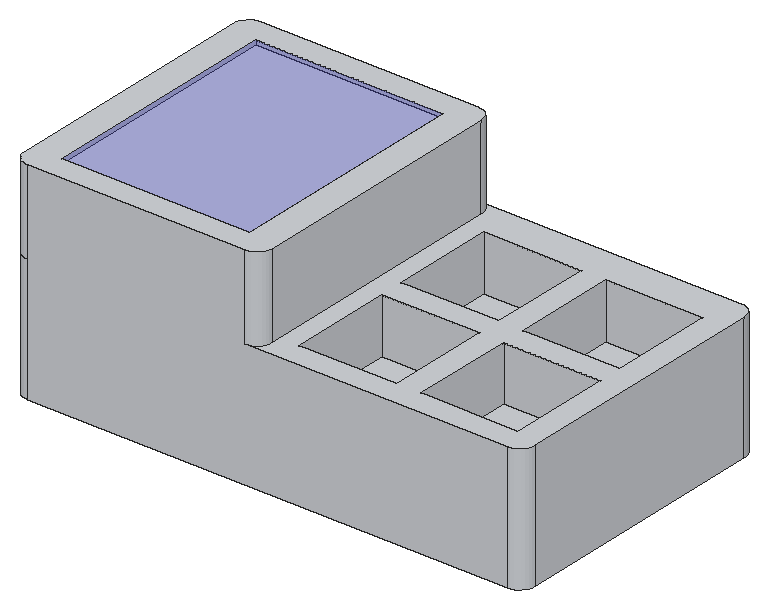
Revit family "Domotics-SerieCivili-GEWISS-27COMBIDIN_SYSTEM-IP40_4M_8SY", category Apparecchi elettrici, host Superficie, Revit 2016
Family settings
  Host = Superficie
  Mantenere orientamento annotazione = No
  Tipo di parte = Normale
  Quota connettore circolare = Usa diametro
  Taglio con vuoti quando caricato = No
  Condiviso = No
  Punto di calcolo locali = No
Parameters (values of type "GW27072 - Contenitore 4 mod. DIN + (2x4) mod. System")
  Viti coperchio = "Acciaio inox"
  Versione file RFA = "19.4"
  URL = "https://www.gewiss.com/it/it"
  Tipologia di contenitore = "GP"
  Tipo sfondabili = "Asportabili con utensile"
  Tipo portella = "Rigida"
  Termopressione con biglia = "70 °C"
  Tensione nominale: = "400 V ac"
  Tensione di isolamento = "750V"
  Temperatura di installazione = "-25 +60 °C"
  Struttura = none
  Scheda Tecnica = "https://www.gewiss.com/it/it/search?q=GW27072"
  SEO = "Contenitore"
  Resistenza agli urti = "IK07"
  Default Elevation = 1219.2 mm
  Profondità = 95 mm
  Produttore = "GEWISS S.p.A."
  Predisposizione scomparti = "2"
  Potenza dissipabile (W) = "15"
  Norma di riferimento: = "EN 60670-1 - EN 60670-24"
  Norma di riferimento = "EN 60669-2-1"
  N. moduli SYSTEM = "8"
  N. moduli DIN = "4"
  N. fori Ã˜ 23 sfondabili: = "Laterali 12 / Sul fondo 2"
  N. fori Ã˜ 23 sfondabili = "12"
  Modello = "GW27072"
  Larghezza = 231 mm
  Immagine tipo = GW27072.jpg
  IFC.TypeObject = ""
  IFC.ExportType = ""
  IFC.ExportAs = ""
  IDT = "d719f03f-11ba-41a9-847a-2c47baabadda"
  IDF = "5ec19cf8-3d87-4e8c-a3c5-c2ce06fc1896"
  Grado di protezione = "IP40"
  Glow Wire Test = "650°C"
  Dim. esterne BxHxP (mm) = "231x132x95"
  Descrizione = "CONTENITORE 4MOD.DIN+(2X4)MOD.SYSTEM PR."
  Creato da GEWISS S.p.A. = ""
  Corrente nominale (In) = "32A"
  Coppia serraggio viti = "0,8NM"
  Contatti di uscita = "1NA 16 A (AC1) 250 V ac"
  Configurazione = "Modulo 2 x 4"
  Colore portella = "Trasparente fume'"
  Colore = "Grigio RAL 7035"
  Codice Electrocod = "0212"
  Codice EAN = "8011564055452"
  Classe isolamento = "II"
  Catalogo Serie = "27COMBI"
  Catalogo = "DOMOTICS"
  Caratteristiche = "Halogen free"
  COBie.Tagnumber = ""
  COBie.CreatedOn = ""
  COBie.CreatebBy = ""
  COBie.ComponentRegisterItemID = ""
  COBie.Component.TagNumber = ""
  COBie.Component.Space = ""
  COBie.Component.SerialNumber = ""
  COBie.Component.InstallationDate = ""
  COBie.Component.Description = ""
  COBie.Component.BarCode = ""
  Altezza = 132 mm  # constant formula
Values of the unnamed type that differ from the named types
  Viti coperchio = ""
  Versione file RFA = ""
  Tipologia di contenitore = ""
  Tipo sfondabili = ""
  Tipo portella = ""
  Termopressione con biglia = ""
  Tensione nominale: = ""
  Tensione di isolamento = ""
  Temperatura di installazione = ""
  Scheda Tecnica = ""
  SEO = ""
  Resistenza agli urti = ""
  Predisposizione scomparti = ""
  Potenza dissipabile (W) = ""
  Norma di riferimento: = ""
  Norma di riferimento = ""
  N. moduli SYSTEM = ""
  N. moduli DIN = ""
  N. fori Ã˜ 23 sfondabili: = ""
  N. fori Ã˜ 23 sfondabili = ""
  IDT = ""
  IDF = ""
  Grado di protezione = ""
  Glow Wire Test = ""
  Dim. esterne BxHxP (mm) = ""
  Corrente nominale (In) = ""
  Coppia serraggio viti = ""
  Contatti di uscita = ""
  Configurazione = ""
  Colore portella = ""
  Colore = ""
  Codice Electrocod = ""
  Codice EAN = ""
  Classe isolamento = ""
  Catalogo Serie = ""
  Catalogo = ""
  Caratteristiche = ""
Reference planes
  plane 1 "Centro (Fronte/Retro)": y = 0
  plane 2: z = 0
  plane 3 "Centro (Sinistra/Destra)": x = 0
  plane 4 "Piano Allineamento Sportellino": z = 95
  plane 5: x = -2.56
  plane 6: z = 57.066
  plane 7: z = 32.066
  plane 8: z = 70
  plane 9: z = 93
  plane 10: x = 116.37
  plane 11: y = 66.019
  plane 12: y = -65.981
  plane 13: x = -114.63
  plane 14: x = -101.144
  plane 15: x = -100.144
  plane 16: x = -17.047
  plane 17: x = -16.047
  plane 18: y = 54.961
  plane 19: y = -53.961
  plane 20: y = -54.961
  plane 21: x = -16.047
  plane 22: x = -16.047
  plane 23: y = 53.961
  plane 24: x = 6.37
  plane 25: y = 2.72
  plane 26: y = -8.101
  plane 27: x = 50.37
  plane 28: x = 61.37
  plane 29: x = 105.37
Forms (mm)
  Extrusion 1, solid, material <- "Struttura"
    sketch origin (0, -451.03, 0) x (1, 0, 0) y (0, 1, 0)
      loop
        line (-9.56, 517.049) -> (-107.63, 517.049)
        arc (-107.63, 517.049) -> (-112.58, 514.999) -> (-114.63, 510.049) r 7
        line (-114.63, 510.049) -> (-114.63, 392.049)
        arc (-114.63, 392.049) -> (-112.58, 387.1) -> (-107.63, 385.049) r 7
        line (-107.63, 385.049) -> (-9.56, 385.049)
        arc (-9.56, 385.049) -> (-4.61, 387.1) -> (-2.56, 392.049) r 7
        line (-2.56, 392.049) -> (-2.56, 510.049)
        arc (-2.56, 510.049) -> (-4.61, 514.999) -> (-9.56, 517.049) r 7
    from 57.066 to 95
  Extrusion 2, solid, material <- "Struttura"
    sketch origin (0, 0, 0) x (1, 0, 0) y (0, 1, 0)
      loop
        line (-114.63, 59.019) -> (-114.63, -58.981)
        arc (-114.63, -58.981) -> (-112.58, -63.931) -> (-107.63, -65.981) r 7
        line (-107.63, -65.981) -> (109.37, -65.981)
        arc (109.37, -65.981) -> (114.319, -63.931) -> (116.37, -58.981) r 7
        line (116.37, -58.981) -> (116.37, 59.019)
        arc (116.37, 59.019) -> (114.319, 63.969) -> (109.37, 66.019) r 7
        line (109.37, 66.019) -> (-107.63, 66.019)
        arc (-107.63, 66.019) -> (-112.58, 63.969) -> (-114.63, 59.019) r 7
    from 0 to 57.066
  Extrusion 3, void
    sketch origin (4.989, -5.381, 0) x (1, 0, 0) y (0, 1, 0)
      loop
        line (45.38, -2.72) -> (1.38, -2.72) -> (1.38, -49.58) -> (45.38, -49.58) -> (45.38, -2.72)
    from 32.066 to 57.066
  Extrusion 4, void
    sketch origin (0, 0, 0) x (1, 0, 0) y (0, 1, 0)
      loop
        line (-100.144, 53.961) -> (-100.144, -53.961) -> (-17.047, -53.961) -> (-17.047, 53.961) -> (-100.144, 53.961)
    from 70 to 93
  Extrusion 5, void
    sketch origin (0, 0, 0) x (1, 0, 0) y (0, 1, 0)
      loop
        line (-16.047, 54.961) -> (-101.144, 54.961) -> (-101.144, -54.961) -> (-16.047, -54.961) -> (-16.047, 54.961)
    from 93 to 95
  Extrusion 6, solid, material "GEWISS Sportellino"
    sketch origin (0, 0, 0) x (1, 0, 0) y (0, 1, 0)
      loop
        line (-16.047, 54.961) -> (-101.144, 54.961) -> (-101.144, -54.961) -> (-16.047, -54.961) -> (-16.047, 54.961)
    from 93 to 95
  Extrusion 7, void
    sketch origin (59.989, -5.381, 0) x (1, 0, 0) y (0, 1, 0)
      loop
        line (45.38, -2.72) -> (1.38, -2.72) -> (1.38, -49.58) -> (45.38, -49.58) -> (45.38, -2.72)
    from 32.066 to 57.066
  Extrusion 8, void
    sketch origin (59.989, 53.439, 0) x (1, 0, 0) y (0, 1, 0)
      loop
        line (45.38, -3.859) -> (1.38, -3.859) -> (1.38, -50.72) -> (45.38, -50.72) -> (45.38, -3.859)
    from 32.066 to 57.066
  Extrusion 9, void
    sketch origin (4.989, 52.299, 0) x (1, 0, 0) y (0, 1, 0)
      loop
        line (45.38, -2.72) -> (1.38, -2.72) -> (1.38, -49.58) -> (45.38, -49.58) -> (45.38, -2.72)
    from 32.066 to 57.066
Cuts and joins
  Extrusion 5, Extrusion 7, Extrusion 8, Extrusion 9 cuts Extrusion 1
  Extrusion 3, Extrusion 4, Extrusion 7, Extrusion 8, Extrusion 9 cuts Extrusion 2
  joined: Extrusion 1, Extrusion 2
Lines and regions (mm)
  Filled region 1, type "GW27071Q.DXF-1", in view "Livello rif."
    outline origin (0, 0, 0) x (1, 0, 0) y (0, 1, 0)
      loop
        line (311.838, -29.653) -> (312.671, -34.653) -> (313.505, -29.653) -> (311.838, -29.653)
  Filled region 2, type "GW27071Q.DXF-1", in view "Livello rif."
    outline origin (0, 0, 0) x (1, 0, 0) y (0, 1, 0)
      loop
        line (311.838, 92.347) -> (313.505, 92.347) -> (312.671, 97.347) -> (311.838, 92.347)
  Filled region 3, type "GW27071Q.DXF-1", in view "Livello rif."
    outline origin (0, 0, 0) x (1, 0, 0) y (0, 1, 0)
      loop
        line (156.887, -59.146) -> (151.887, -59.979) -> (156.887, -60.812) -> (156.887, -59.146)
  Filled region 4, type "GW27071Q.DXF-1", in view "Livello rif."
    outline origin (0, 0, 0) x (1, 0, 0) y (0, 1, 0)
      loop
        line (278.887, -59.146) -> (278.887, -60.812) -> (283.887, -59.979) -> (278.887, -59.146)
  Filled region 5, type "GW27071Q.DXF-1", in view "Livello rif."
    outline origin (0, 0, 0) x (1, 0, 0) y (0, 1, 0)
      loop
        line (171.283, 113.489) -> (166.283, 112.656) -> (171.283, 111.823) -> (171.283, 113.489)
  Filled region 6, type "GW27071Q.DXF-1", in view "Livello rif."
    outline origin (0, 0, 0) x (1, 0, 0) y (0, 1, 0)
      loop
        line (196.283, 113.489) -> (196.283, 111.823) -> (201.283, 112.656) -> (196.283, 113.489)
  Filled region 7, type "GW27071Q.DXF-1", in view "Livello rif."
    outline origin (0, 0, 0) x (1, 0, 0) y (0, 1, 0)
      loop
        line (300.192, 75.924) -> (301.859, 75.924) -> (301.025, 80.924) -> (300.192, 75.924)
  Filled region 8, type "GW27071Q.DXF-1", in view "Livello rif."
    outline origin (0, 0, 0) x (1, 0, 0) y (0, 1, 0)
      loop
        line (300.192, -12.076) -> (301.025, -17.076) -> (301.859, -12.076) -> (300.192, -12.076)
  Filled region 9, type "GW27071Q.DXF-1", in view "Livello rif."
    outline origin (0, 0, 0) x (1, 0, 0) y (0, 1, 0)
      loop
        line (167.887, -49.734) -> (162.887, -50.567) -> (167.887, -51.4) -> (167.887, -49.734)
  Filled region 10, type "GW27071Q.DXF-1", in view "Livello rif."
    outline origin (0, 0, 0) x (1, 0, 0) y (0, 1, 0)
      loop
        line (267.887, -49.734) -> (267.887, -51.4) -> (272.887, -50.567) -> (267.887, -49.734)
  Filled region 11, type "GW27071Q.DXF-1", in view "Livello rif."
    outline origin (0, 0, 0) x (1, 0, 0) y (0, 1, 0)
      loop
        line (104.476, 133.277) -> (104.476, 131.611) -> (109.476, 132.444) -> (104.476, 133.277)
  Filled region 12, type "GW27071Q.DXF-1", in view "Livello rif."
    outline origin (0, 0, 0) x (1, 0, 0) y (0, 1, 0)
      loop
        line (17.434, 133.277) -> (12.434, 132.444) -> (17.434, 131.611) -> (17.434, 133.277)
  Filled region 13, type "GW27071Q.DXF-1", in view "Livello rif."
    outline origin (0, 0, 0) x (1, 0, 0) y (0, 1, 0)
      loop
        line (17.434, 116.721) -> (12.434, 115.888) -> (17.434, 115.054) -> (17.434, 116.721)
  Filled region 14, type "GW27071Q.DXF-1", in view "Livello rif."
    outline origin (0, 0, 0) x (1, 0, 0) y (0, 1, 0)
      loop
        line (37.434, 116.721) -> (37.434, 115.054) -> (42.434, 115.888) -> (37.434, 116.721)
  Filled region 15, type "GW27071Q.DXF-1", in view "Livello rif."
    outline origin (0, 0, 0) x (1, 0, 0) y (0, 1, 0)
      loop
        line (47.434, 116.721) -> (42.434, 115.888) -> (47.434, 115.054) -> (47.434, 116.721)
  Filled region 16, type "GW27071Q.DXF-1", in view "Livello rif."
    outline origin (0, 0, 0) x (1, 0, 0) y (0, 1, 0)
      loop
        line (104.476, 116.721) -> (104.476, 115.054) -> (109.476, 115.888) -> (104.476, 116.721)
  Filled region 17, type "GW27071Q.DXF-1", in view "Livello rif."
    outline origin (0, 0, 0) x (1, 0, 0) y (0, 1, 0)
      loop
        line (85.58, -62.533) -> (85.58, -64.2) -> (90.58, -63.366) -> (85.58, -62.533)
  Filled region 18, type "GW27071Q.DXF-1", in view "Livello rif."
    outline origin (0, 0, 0) x (1, 0, 0) y (0, 1, 0)
      loop
        line (17.938, -62.533) -> (12.938, -63.366) -> (17.938, -64.2) -> (17.938, -62.533)
  Filled region 19, type "GW27071Q.DXF-1", in view "Livello rif."
    outline origin (0, 0, 0) x (1, 0, 0) y (0, 1, 0)
      loop
        line (85.58, -45.003) -> (85.58, -46.67) -> (90.58, -45.836) -> (85.58, -45.003)
  Filled region 20, type "GW27071Q.DXF-1", in view "Livello rif."
    outline origin (0, 0, 0) x (1, 0, 0) y (0, 1, 0)
      loop
        line (42.138, -45.003) -> (37.138, -45.836) -> (42.138, -46.67) -> (42.138, -45.003)
  Filled region 21, type "GW27071Q.DXF-1", in view "Livello rif."
    outline origin (0, 0, 0) x (1, 0, 0) y (0, 1, 0)
      loop
        line (95.58, -44.823) -> (90.58, -45.656) -> (95.58, -46.49) -> (95.58, -44.823)
  Filled region 22, type "GW27071Q.DXF-1", in view "Livello rif."
    outline origin (0, 0, 0) x (1, 0, 0) y (0, 1, 0)
      loop
        line (103.18, -44.823) -> (103.18, -46.49) -> (108.18, -45.656) -> (103.18, -44.823)
  Filled region 23, type "GW27071Q.DXF-1", in view "Livello rif."
    outline origin (0, 0, 0) x (1, 0, 0) y (0, 1, 0)
      loop
        line (263.699, 109.74) -> (263.699, 108.073) -> (268.699, 108.907) -> (263.699, 109.74)
  Filled region 24, type "GW27071Q.DXF-1", in view "Livello rif."
    outline origin (0, 0, 0) x (1, 0, 0) y (0, 1, 0)
      loop
        line (227.699, 109.74) -> (222.699, 108.907) -> (227.699, 108.073) -> (227.699, 109.74)
  Filled region 25, type "GW27071Q.DXF-1", in view "Sinistra"
    outline origin (0, 0, 0) x (0, -1, 0) y (0, 0, 1)
      loop
        line (101.84, 5) -> (100.174, 5) -> (101.007, 0) -> (101.84, 5)
  Filled region 26, type "GW27071Q.DXF-1", in view "Sinistra"
    outline origin (0, 0, 0) x (0, -1, 0) y (0, 0, 1)
      loop
        line (101.84, 90) -> (101.007, 95) -> (100.174, 90) -> (101.84, 90)
  Filled region 27, type "GW27071Q.DXF-1", in view "Sinistra"
    outline origin (0, 0, 0) x (0, -1, 0) y (0, 0, 1)
      loop
        line (85.284, 90) -> (84.451, 95) -> (83.617, 90) -> (85.284, 90)
  Filled region 28, type "GW27071Q.DXF-1", in view "Sinistra"
    outline origin (0, 0, 0) x (0, -1, 0) y (0, 0, 1)
      loop
        line (85.284, 70) -> (83.617, 70) -> (84.451, 65) -> (85.284, 70)
  Filled region 29, type "GW27071Q.DXF-1", in view "Sinistra"
    outline origin (0, 0, 0) x (0, -1, 0) y (0, 0, 1)
      loop
        line (85.284, 60) -> (84.451, 65) -> (83.617, 60) -> (85.284, 60)
  Filled region 30, type "GW27071Q.DXF-1", in view "Sinistra"
    outline origin (0, 0, 0) x (0, -1, 0) y (0, 0, 1)
      loop
        line (85.284, 5) -> (83.617, 5) -> (84.451, 0) -> (85.284, 5)
  Filled region 31, type "GW27071Q.DXF-1", in view "Sinistra"
    outline origin (0, 0, 0) x (0, -1, 0) y (0, 0, 1)
      loop
        line (-93.97, 23.896) -> (-95.637, 23.896) -> (-94.803, 18.896) -> (-93.97, 23.896)
  Filled region 32, type "GW27071Q.DXF-1", in view "Sinistra"
    outline origin (0, 0, 0) x (0, -1, 0) y (0, 0, 1)
      loop
        line (-93.97, 89.496) -> (-94.803, 94.496) -> (-95.637, 89.496) -> (-93.97, 89.496)
  Filled region 33, type "GW27071Q.DXF-1", in view "Sinistra"
    outline origin (0, 0, 0) x (0, -1, 0) y (0, 0, 1)
      loop
        line (-76.44, 23.896) -> (-78.107, 23.896) -> (-77.273, 18.896) -> (-76.44, 23.896)
  Filled region 34, type "GW27071Q.DXF-1", in view "Sinistra"
    outline origin (0, 0, 0) x (0, -1, 0) y (0, 0, 1)
      loop
        line (-76.44, 65.296) -> (-77.273, 70.296) -> (-78.107, 65.296) -> (-76.44, 65.296)
  Filled region 35, type "GW27071Q.DXF-1", in view "Sinistra"
    outline origin (0, 0, 0) x (0, -1, 0) y (0, 0, 1)
      loop
        line (-76.26, 58.896) -> (-77.927, 58.896) -> (-77.093, 18.896) -> (-76.26, 58.896)
  Filled region 36, type "GW27071Q.DXF-1", in view "Sinistra"
    outline origin (0, 0, 0) x (0, -1, 0) y (0, 0, 1)
      loop
        line (-76.26, 51.296) -> (-77.927, 51.296) -> (-77.093, 1.296) -> (-76.26, 51.296)
  Filled region 37, type "GW27071Q.DXF-1", in view "Sinistra", not visible
    outline origin (0, 0, 0) x (0, -1, 0) y (0, 0, 1)
      loop
        line (295.687, 963.746) -> (295.687, 962.08) -> (300.687, 962.913) -> (295.687, 963.746)
  Filled region 38, type "GW27071Q.DXF-1", in view "Sinistra", not visible
    outline origin (0, 0, 0) x (0, -1, 0) y (0, 0, 1)
      loop
        line (210.687, 963.746) -> (205.687, 962.913) -> (210.687, 962.08) -> (210.687, 963.746)
  Filled region 39, type "GW27071Q.DXF-1", in view "Sinistra", not visible
    outline origin (0, 0, 0) x (0, -1, 0) y (0, 0, 1)
      loop
        line (210.687, 947.19) -> (205.687, 946.356) -> (210.687, 945.523) -> (210.687, 947.19)
  Filled region 40, type "GW27071Q.DXF-1", in view "Sinistra", not visible
    outline origin (0, 0, 0) x (0, -1, 0) y (0, 0, 1)
      loop
        line (230.687, 947.19) -> (230.687, 945.523) -> (235.687, 946.356) -> (230.687, 947.19)
  Filled region 41, type "GW27071Q.DXF-1", in view "Sinistra", not visible
    outline origin (0, 0, 0) x (0, -1, 0) y (0, 0, 1)
      loop
        line (240.687, 947.19) -> (235.687, 946.356) -> (240.687, 945.523) -> (240.687, 947.19)
  Filled region 42, type "GW27071Q.DXF-1", in view "Sinistra", not visible
    outline origin (0, 0, 0) x (0, -1, 0) y (0, 0, 1)
      loop
        line (295.687, 947.19) -> (295.687, 945.523) -> (300.687, 946.356) -> (295.687, 947.19)
  Filled region 43, type "GW27071Q.DXF-1", in view "Sinistra", not visible
    outline origin (0, 0, 0) x (0, -1, 0) y (0, 0, 1)
      loop
        line (276.791, 767.936) -> (276.791, 766.269) -> (281.791, 767.103) -> (276.791, 767.936)
  Filled region 44, type "GW27071Q.DXF-1", in view "Sinistra", not visible
    outline origin (0, 0, 0) x (0, -1, 0) y (0, 0, 1)
      loop
        line (211.191, 767.936) -> (206.191, 767.103) -> (211.191, 766.269) -> (211.191, 767.936)
  Filled region 45, type "GW27071Q.DXF-1", in view "Sinistra", not visible
    outline origin (0, 0, 0) x (0, -1, 0) y (0, 0, 1)
      loop
        line (276.791, 785.466) -> (276.791, 783.799) -> (281.791, 784.632) -> (276.791, 785.466)
  Filled region 46, type "GW27071Q.DXF-1", in view "Sinistra", not visible
    outline origin (0, 0, 0) x (0, -1, 0) y (0, 0, 1)
      loop
        line (235.391, 785.466) -> (230.391, 784.632) -> (235.391, 783.799) -> (235.391, 785.466)
  Filled region 47, type "GW27071Q.DXF-1", in view "Sinistra", not visible
    outline origin (0, 0, 0) x (0, -1, 0) y (0, 0, 1)
      loop
        line (286.791, 785.646) -> (281.791, 784.812) -> (286.791, 783.979) -> (286.791, 785.646)
  Filled region 48, type "GW27071Q.DXF-1", in view "Sinistra", not visible
    outline origin (0, 0, 0) x (0, -1, 0) y (0, 0, 1)
      loop
        line (294.391, 785.646) -> (294.391, 783.979) -> (299.391, 784.812) -> (294.391, 785.646)
  model lines, not visible
    curve 1: arc (276.741, -20.994, 0) -> (277.939, -18.365, 0) -> (277.918, -15.476, 0) r 6.7
    curve 2: arc (264.087, -16.92, 0) -> (264.693, -19.757, 0) -> (266.434, -22.078, 0) r 6.754
    curve 3: arc (268.608, -16.92, 0) -> (269.839, -19.067, 0) -> (272.314, -19.095, 0) r 2.493
    curve 4: arc (268.969, -24.605, 0) -> (271.825, -24.886, 0) -> (274.574, -24.062, 0) r 7.427
    curve 5: arc (276.741, -12.853, 0) -> (274.6, -10.93, 0) -> (271.859, -10.052, 0) r 6.874
    curve 6: arc (268.969, -10.326, 0) -> (266.449, -11.778, 0) -> (264.721, -14.118, 0) r 7.102
    curve 7: arc (273.578, -16.92, 0) -> (272.344, -14.78, 0) -> (269.874, -14.755, 0) r 2.491
    curve 8: arc (268.969, -24.605, 0) -> (271.82, -24.986, 0) -> (274.546, -24.065, 0) r 6.329
    curve 9: arc (272.314, 81.969, 0) -> (269.839, 81.941, 0) -> (268.608, 79.794, 0) r 2.493
    curve 10: arc (274.574, 86.936, 0) -> (271.825, 87.76, 0) -> (268.969, 87.479, 0) r 7.427
    curve 11: arc (274.546, 86.939, 0) -> (271.82, 87.86, 0) -> (268.969, 87.479, 0) r 6.329
    curve 12: arc (266.434, 84.952, 0) -> (264.693, 82.631, 0) -> (264.087, 79.794, 0) r 6.754
    curve 13: arc (264.721, 76.992, 0) -> (266.449, 74.652, 0) -> (268.969, 73.2, 0) r 7.102
    curve 14: arc (277.918, 78.35, 0) -> (277.939, 81.239, 0) -> (276.741, 83.868, 0) r 6.7
    curve 15: arc (269.874, 77.629, 0) -> (272.344, 77.654, 0) -> (273.578, 79.794, 0) r 2.491
    curve 16: arc (271.859, 72.926, 0) -> (274.6, 73.804, 0) -> (276.741, 75.727, 0) r 6.874
    curve 17: arc (159.373, -19.095, 0) -> (161.848, -19.067, 0) -> (163.079, -16.92, 0) r 2.493
    curve 18: arc (157.113, -24.062, 0) -> (159.862, -24.886, 0) -> (162.719, -24.605, 0) r 7.427
    curve 19: arc (157.142, -24.065, 0) -> (159.867, -24.986, 0) -> (162.719, -24.605, 0) r 6.329
    curve 20: arc (165.253, -22.078, 0) -> (166.994, -19.757, 0) -> (167.601, -16.92, 0) r 6.754
    curve 21: arc (166.966, -14.118, 0) -> (165.239, -11.778, 0) -> (162.719, -10.326, 0) r 7.102
    curve 22: arc (153.769, -15.476, 0) -> (153.748, -18.365, 0) -> (154.946, -20.994, 0) r 6.7
    curve 23: arc (161.813, -14.755, 0) -> (159.343, -14.78, 0) -> (158.11, -16.92, 0) r 2.491
    curve 24: arc (159.828, -10.052, 0) -> (157.087, -10.93, 0) -> (154.946, -12.853, 0) r 6.874
    curve 25: arc (154.946, 75.727, 0) -> (157.087, 73.804, 0) -> (159.828, 72.926, 0) r 6.874
    curve 26: arc (162.719, 73.2, 0) -> (165.239, 74.652, 0) -> (166.966, 76.992, 0) r 7.102
    curve 27: arc (162.719, 87.479, 0) -> (159.867, 87.86, 0) -> (157.142, 86.939, 0) r 6.329
    curve 28: arc (162.719, 87.479, 0) -> (159.862, 87.76, 0) -> (157.113, 86.936, 0) r 7.427
    curve 29: arc (163.079, 79.794, 0) -> (161.848, 81.941, 0) -> (159.373, 81.969, 0) r 2.493
    curve 30: arc (167.601, 79.794, 0) -> (166.994, 82.631, 0) -> (165.253, 84.952, 0) r 6.754
    curve 31: arc (158.11, 79.794, 0) -> (159.343, 77.654, 0) -> (161.813, 77.629, 0) r 2.491
    curve 32: arc (154.946, 83.868, 0) -> (153.748, 81.239, 0) -> (153.769, 78.35, 0) r 6.7
    curve 33: line (266.434, -22.078, 0) -> (264.087, -16.92, 0)
    curve 34: line (277.918, -15.476, 0) -> (276.741, -20.994, 0)
    curve 35: line (272.314, -19.095, 0) -> (268.608, -16.92, 0)
    curve 36: line (274.574, -24.062, 0) -> (268.969, -24.605, 0)
    curve 37: line (271.859, -10.052, 0) -> (276.741, -12.853, 0)
    curve 38: line (264.721, -14.118, 0) -> (268.969, -10.326, 0)
    curve 39: line (269.874, -14.755, 0) -> (273.578, -16.92, 0)
    curve 40: line (272.314, 81.969, 0) -> (268.608, 79.794, 0)
    curve 41: line (274.574, 86.936, 0) -> (268.969, 87.479, 0)
    curve 42: line (266.434, 84.952, 0) -> (264.087, 79.794, 0)
    curve 43: line (264.721, 76.992, 0) -> (268.969, 73.2, 0)
    curve 44: line (277.918, 78.35, 0) -> (276.741, 83.868, 0)
    curve 45: line (269.874, 77.629, 0) -> (273.578, 79.794, 0)
    curve 46: line (271.859, 72.926, 0) -> (276.741, 75.727, 0)
    curve 47: line (159.373, -19.095, 0) -> (163.079, -16.92, 0)
    curve 48: line (157.113, -24.062, 0) -> (162.719, -24.605, 0)
    curve 49: line (165.253, -22.078, 0) -> (167.601, -16.92, 0)
    curve 50: line (166.966, -14.118, 0) -> (162.719, -10.326, 0)
    curve 51: line (153.769, -15.476, 0) -> (154.946, -20.994, 0)
    curve 52: line (161.813, -14.755, 0) -> (158.11, -16.92, 0)
    curve 53: line (159.828, -10.052, 0) -> (154.946, -12.853, 0)
    curve 54: line (159.828, 72.926, 0) -> (154.946, 75.727, 0)
    curve 55: line (166.966, 76.992, 0) -> (162.719, 73.2, 0)
    curve 56: line (157.142, 86.939, 0) -> (162.719, 87.479, 0)
    curve 57: line (159.373, 81.969, 0) -> (163.079, 79.794, 0)
    curve 58: line (165.253, 84.952, 0) -> (167.601, 79.794, 0)
    curve 59: line (161.813, 77.629, 0) -> (158.11, 79.794, 0)
    curve 60: line (153.769, 78.35, 0) -> (154.946, 83.868, 0)
    curve 61: line (202.275, 95.384, 0) -> (202.275, 85.351, 0)
    curve 62: line (207.021, 90.368, 0) -> (197.53, 90.368, 0)
    curve 63: line (202.275, -32.51, 0) -> (202.275, -22.477, 0)
    curve 64: line (207.021, -27.493, 0) -> (197.53, -27.493, 0)
    curve 65: line (275.615, -32.51, 0) -> (275.615, -22.477, 0)
    curve 66: line (280.356, -27.498, 0) -> (270.845, -27.498, 0)
    curve 67: line (275.615, 95.384, 0) -> (275.615, 85.351, 0)
    curve 68: line (280.356, 90.372, 0) -> (270.865, 90.372, 0)
    curve 69: line (156.072, -32.51, 0) -> (156.072, -22.477, 0)
    curve 70: line (151.331, -27.498, 0) -> (160.845, -27.498, 0)
    curve 71: line (156.072, 95.384, 0) -> (156.072, 85.351, 0)
    curve 72: line (151.331, 90.372, 0) -> (160.822, 90.372, 0)
    curve 73: line (289.744, 31.437, 0) -> (142.831, 31.437, 0)
    curve 74: arc (156.804, 97.456, 0) -> (151.809, 95.377, 0) -> (149.765, 90.368, 0) r 7.039
    curve 75: arc (195.602, -22.524, 0) -> (181.766, -8.688, 0) -> (167.931, -22.524, 0) r 13.836
    curve 76: arc (196.241, -22.524, 0) -> (198.363, -21.645, 0) -> (199.241, -19.524, 0) r 3
    curve 77: arc (199.241, 82.398, 0) -> (198.363, 84.519, 0) -> (196.241, 85.398, 0) r 3
    curve 78: circle (202.275, 90.368, 0) r 2.983 normal (0, 0, 1)
    curve 79: circle (202.275, -27.493, 0) r 2.983 normal (0, 0, 1)
    curve 80: arc (213.717, 90.368, 0) -> (211.673, 95.377, 0) -> (206.678, 97.456, 0) r 7.039
    curve 81: arc (149.765, -27.493, 0) -> (151.559, -32.237, 0) -> (156.075, -34.544, 0) r 7.039
    curve 82: arc (206.678, -34.582, 0) -> (211.673, -32.503, 0) -> (213.717, -27.493, 0) r 7.039
    curve 83: arc (281.922, 90.368, 0) -> (279.878, 95.377, 0) -> (274.883, 97.456, 0) r 7.039
    curve 84: arc (274.883, -34.582, 0) -> (279.878, -32.503, 0) -> (281.922, -27.493, 0) r 7.039
    curve 85: arc (222.657, 27.687, 0) -> (221.243, 27.101, 0) -> (220.657, 25.687, 0) r 2
    curve 86: arc (266.657, 25.687, 0) -> (266.072, 27.101, 0) -> (264.657, 27.687, 0) r 2
    curve 87: arc (266.657, 22.687, 0) -> (266.072, 24.101, 0) -> (264.657, 24.687, 0) r 2
    curve 88: arc (264.657, -20.313, 0) -> (266.072, -19.727, 0) -> (266.657, -18.313, 0) r 2
    curve 89: arc (220.657, -18.313, 0) -> (221.243, -19.727, 0) -> (222.657, -20.313, 0) r 2
    curve 90: arc (244.109, -18.327, 0) -> (244.648, -19.498, 0) -> (245.647, -20.313, 0) r 2.858
    curve 91: arc (241.574, -20.313, 0) -> (242.573, -19.498, 0) -> (243.112, -18.327, 0) r 2.858
    curve 92: arc (222.657, 24.687, 0) -> (221.243, 24.101, 0) -> (220.657, 22.687, 0) r 2
    curve 93: arc (243.112, 22.701, 0) -> (242.573, 23.872, 0) -> (241.574, 24.687, 0) r 2.858
    curve 94: arc (245.647, 24.687, 0) -> (244.648, 23.872, 0) -> (244.109, 22.701, 0) r 2.858
    curve 95: arc (220.657, 37.187, 0) -> (221.243, 35.773, 0) -> (222.657, 35.187, 0) r 2
    curve 96: arc (222.657, 80.187, 0) -> (221.243, 79.601, 0) -> (220.657, 78.187, 0) r 2
    curve 97: arc (222.657, 83.187, 0) -> (221.243, 82.601, 0) -> (220.657, 81.187, 0) r 2
    curve 98: circle (275.611, -27.498, 0) r 2.983 normal (0, 0, 1)
    curve 99: circle (275.611, 90.372, 0) r 2.983 normal (0, 0, 1)
    curve 100: arc (241.574, 35.187, 0) -> (242.573, 36.002, 0) -> (243.112, 37.173, 0) r 2.858
    curve 101: arc (244.109, 37.173, 0) -> (244.648, 36.002, 0) -> (245.647, 35.187, 0) r 2.858
    curve 102: arc (245.647, 80.187, 0) -> (244.648, 79.372, 0) -> (244.109, 78.201, 0) r 2.858
    curve 103: arc (243.112, 78.201, 0) -> (242.573, 79.372, 0) -> (241.574, 80.187, 0) r 2.858
    curve 104: arc (264.657, 35.187, 0) -> (266.072, 35.773, 0) -> (266.657, 37.187, 0) r 2
    curve 105: arc (266.657, 78.187, 0) -> (266.072, 79.601, 0) -> (264.657, 80.187, 0) r 2
    curve 106: arc (266.657, 81.187, 0) -> (266.072, 82.601, 0) -> (264.657, 83.187, 0) r 2
    curve 107: circle (156.077, -27.498, 0) r 2.983 normal (0, 0, 1)
    curve 108: arc (164.241, -19.524, 0) -> (165.12, -21.645, 0) -> (167.241, -22.524, 0) r 3
    curve 109: circle (156.077, 90.372, 0) r 2.983 normal (0, 0, 1)
    curve 110: arc (167.241, 85.398, 0) -> (165.12, 84.519, 0) -> (164.241, 82.398, 0) r 3
    curve 111: line (281.845, -27.493, 0) -> (281.845, 90.368, 0)
    curve 112: line (275.613, -34.544, 0) -> (156.075, -34.544, 0)
    curve 113: line (149.755, 90.368, 0) -> (149.755, -27.493, 0)
    curve 114: line (213.728, 90.368, 0) -> (213.728, -27.493, 0)
    curve 115: line (196.241, -22.524, 0) -> (167.241, -22.524, 0)
    curve 116: line (167.241, 85.398, 0) -> (196.241, 85.398, 0)
    curve 117: line (164.241, -19.524, 0) -> (164.241, 82.398, 0)
    curve 118: line (188.195, -2.552, 0) -> (193.792, -2.552, 0)
    curve 119: line (188.195, 8.478, 0) -> (193.792, 8.478, 0)
    curve 120: line (199.241, -19.524, 0) -> (199.241, 82.398, 0)
    curve 121: line (164.241, 65.427, 0) -> (199.241, 65.427, 0)
    curve 122: line (164.241, 54.396, 0) -> (199.241, 54.396, 0)
    curve 123: line (164.241, 8.478, 0) -> (199.241, 8.478, 0)
    curve 124: line (164.241, -2.552, 0) -> (199.241, -2.552, 0)
    curve 125: line (164.241, -15.562, 0) -> (199.241, -15.562, 0)
    curve 126: line (200.141, 92.451, 0) -> (204.41, 88.284, 0)
    curve 127: line (200.141, -29.577, 0) -> (204.41, -25.41, 0)
    curve 128: line (274.883, 97.456, 0) -> (156.804, 97.456, 0)
    curve 129: line (220.657, -18.313, 0) -> (220.657, 24.687, 0)
    curve 130: line (220.657, 24.687, 0) -> (220.657, 25.687, 0)
    curve 131: line (266.657, 25.687, 0) -> (266.657, -18.313, 0)
    curve 132: line (225.668, -20.313, 0) -> (225.668, -18.327, 0)
    curve 133: line (225.668, -18.327, 0) -> (239.681, -18.327, 0)
    curve 134: line (239.681, -18.327, 0) -> (239.681, -20.313, 0)
    curve 135: line (264.657, -20.313, 0) -> (222.657, -20.313, 0)
    curve 136: line (247.634, -20.313, 0) -> (247.634, -18.327, 0)
    curve 137: line (247.634, -18.327, 0) -> (261.647, -18.327, 0)
    curve 138: line (261.647, -18.327, 0) -> (261.647, -20.313, 0)
    curve 139: line (243.112, -18.327, 0) -> (244.109, -18.327, 0)
    curve 140: line (244.109, -18.327, 0) -> (243.112, -18.327, 0)
    curve 141: line (225.668, 24.687, 0) -> (225.668, 22.701, 0)
    curve 142: line (225.668, 22.701, 0) -> (239.681, 22.701, 0)
    curve 143: line (239.681, 22.701, 0) -> (239.681, 24.687, 0)
    curve 144: line (222.657, 24.687, 0) -> (264.657, 24.687, 0)
    curve 145: line (247.634, 24.687, 0) -> (247.634, 22.701, 0)
    curve 146: line (247.634, 22.701, 0) -> (261.647, 22.701, 0)
    curve 147: line (261.647, 22.701, 0) -> (261.647, 24.687, 0)
    curve 148: line (243.112, 22.701, 0) -> (244.109, 22.701, 0)
    curve 149: line (244.109, 22.701, 0) -> (243.112, 22.701, 0)
    curve 150: line (220.657, 37.187, 0) -> (220.657, 80.187, 0)
    curve 151: line (220.657, 80.187, 0) -> (220.657, 81.187, 0)
    curve 152: line (222.657, 27.687, 0) -> (264.657, 27.687, 0)
    curve 153: line (222.657, 35.187, 0) -> (264.657, 35.187, 0)
    curve 154: line (264.657, 35.187, 0) -> (222.657, 35.187, 0)
    curve 155: line (264.657, 80.187, 0) -> (222.657, 80.187, 0)
    curve 156: line (222.657, 80.187, 0) -> (264.657, 80.187, 0)
    curve 157: line (273.476, -29.582, 0) -> (277.745, -25.414, 0)
    curve 158: line (273.476, 92.456, 0) -> (277.745, 88.288, 0)
    curve 159: line (247.634, 80.187, 0) -> (247.634, 78.201, 0)
    curve 160: line (247.634, 78.201, 0) -> (261.647, 78.201, 0)
    curve 161: line (261.647, 78.201, 0) -> (261.647, 80.187, 0)
    curve 162: line (222.657, 83.187, 0) -> (264.657, 83.187, 0)
    curve 163: line (247.634, 35.187, 0) -> (247.634, 37.173, 0)
    curve 164: line (247.634, 37.173, 0) -> (261.647, 37.173, 0)
    curve 165: line (261.647, 37.173, 0) -> (261.647, 35.187, 0)
    curve 166: line (225.668, 35.187, 0) -> (225.668, 37.173, 0)
    curve 167: line (225.668, 37.173, 0) -> (239.681, 37.173, 0)
    curve 168: line (239.681, 37.173, 0) -> (239.681, 35.187, 0)
    curve 169: line (244.109, 37.173, 0) -> (243.112, 37.173, 0)
    curve 170: line (243.112, 37.173, 0) -> (244.109, 37.173, 0)
    curve 171: line (225.668, 80.187, 0) -> (225.668, 78.201, 0)
    curve 172: line (225.668, 78.201, 0) -> (239.681, 78.201, 0)
    curve 173: line (239.681, 78.201, 0) -> (239.681, 80.187, 0)
    curve 174: line (244.109, 78.201, 0) -> (243.112, 78.201, 0)
    curve 175: line (243.112, 78.201, 0) -> (244.109, 78.201, 0)
    curve 176: line (266.657, 81.187, 0) -> (266.657, 37.187, 0)
    curve 177: line (158.211, -29.582, 0) -> (153.942, -25.414, 0)
    curve 178: line (158.211, 92.456, 0) -> (153.942, 88.288, 0)
    curve 179: line (283.203, -34.653, 0) -> (311.879, -34.653, 0)
    curve 180: line (283.203, 97.347, 0) -> (311.879, 97.347, 0)
    curve 181: line (310.629, -29.653, 0) -> (310.629, 92.347, 0)
    curve 182: line (309.796, -29.653, 0) -> (311.463, -29.653, 0)
    curve 183: line (311.463, -29.653, 0) -> (310.629, -34.653, 0)
    curve 184: line (310.629, -34.653, 0) -> (309.796, -29.653, 0)
    curve 185: line (309.796, 92.347, 0) -> (311.463, 92.347, 0)
    curve 186: line (311.463, 92.347, 0) -> (310.629, 97.347, 0)
    curve 187: line (310.629, 97.347, 0) -> (309.796, 92.347, 0)
    curve 188: line (149.845, -38.932, 0) -> (149.845, -61.229, 0)
    curve 189: line (281.845, -38.932, 0) -> (281.845, -61.229, 0)
    curve 190: line (154.845, -59.979, 0) -> (276.845, -59.979, 0)
    curve 191: line (154.845, -59.146, 0) -> (154.845, -60.812, 0)
    curve 192: line (154.845, -60.812, 0) -> (149.845, -59.979, 0)
    curve 193: line (149.845, -59.979, 0) -> (154.845, -59.146, 0)
    curve 194: line (276.845, -59.146, 0) -> (276.845, -60.812, 0)
    curve 195: line (276.845, -60.812, 0) -> (281.845, -59.979, 0)
    curve 196: line (281.845, -59.979, 0) -> (276.845, -59.146, 0)
    curve 197: line (164.241, 91.052, 0) -> (164.241, 113.906, 0)
    curve 198: line (199.241, 91.052, 0) -> (199.241, 113.906, 0)
    curve 199: line (169.241, 112.656, 0) -> (194.241, 112.656, 0)
    curve 200: line (169.241, 113.489, 0) -> (169.241, 111.823, 0)
    curve 201: line (169.241, 111.823, 0) -> (164.241, 112.656, 0)
    curve 202: line (164.241, 112.656, 0) -> (169.241, 113.489, 0)
    curve 203: line (194.241, 113.489, 0) -> (194.241, 111.823, 0)
    curve 204: line (194.241, 111.823, 0) -> (199.241, 112.656, 0)
    curve 205: line (199.241, 112.656, 0) -> (194.241, 113.489, 0)
    curve 206: line (271.876, 80.924, 0) -> (300.233, 80.924, 0)
    curve 207: line (271.876, -17.076, 0) -> (300.233, -17.076, 0)
    curve 208: line (298.983, 75.924, 0) -> (298.983, -12.076, 0)
    curve 209: line (298.15, 75.924, 0) -> (299.817, 75.924, 0)
    curve 210: line (299.817, 75.924, 0) -> (298.983, 80.924, 0)
    curve 211: line (298.983, 80.924, 0) -> (298.15, 75.924, 0)
    curve 212: line (298.15, -12.076, 0) -> (299.817, -12.076, 0)
    curve 213: line (299.817, -12.076, 0) -> (298.983, -17.076, 0)
    curve 214: line (298.983, -17.076, 0) -> (298.15, -12.076, 0)
    curve 215: line (160.845, -18.231, 0) -> (160.845, -51.817, 0)
    curve 216: line (270.845, -18.233, 0) -> (270.845, -51.817, 0)
    curve 217: line (165.845, -50.567, 0) -> (265.845, -50.567, 0)
    curve 218: line (165.845, -49.734, 0) -> (165.845, -51.4, 0)
    curve 219: line (165.845, -51.4, 0) -> (160.845, -50.567, 0)
    curve 220: line (160.845, -50.567, 0) -> (165.845, -49.734, 0)
    curve 221: line (265.845, -49.734, 0) -> (265.845, -51.4, 0)
    curve 222: line (265.845, -51.4, 0) -> (270.845, -50.567, 0)
    curve 223: line (270.845, -50.567, 0) -> (265.845, -49.734, 0)
    curve 224: line (266.657, 86.812, 0) -> (266.657, 110.157, 0)
    curve 225: line (220.657, 86.812, 0) -> (220.657, 110.157, 0)
    curve 226: line (261.657, 108.907, 0) -> (225.657, 108.907, 0)
    curve 227: line (261.657, 109.74, 0) -> (261.657, 108.073, 0)
    curve 228: line (261.657, 108.073, 0) -> (266.657, 108.907, 0)
    curve 229: line (266.657, 108.907, 0) -> (261.657, 109.74, 0)
    curve 230: line (225.657, 109.74, 0) -> (225.657, 108.073, 0)
    curve 231: line (225.657, 108.073, 0) -> (220.657, 108.907, 0)
    curve 232: line (220.657, 108.907, 0) -> (225.657, 109.74, 0)
    curve 233: line (0, -311.602, 861.906) -> (0, -192.401, 861.906)
    curve 234: arc (0, -205.683, 811.925) -> (0, -207.775, 803.307) -> (0, -214.276, 797.275) r 15.387
    curve 235: circle (0, -283.557, 889.656) r 10.896 normal (-1, 0, 0)
    curve 236: circle (0, -283.574, 833.883) r 10.896 normal (-1, 0, 0)
    curve 237: arc (0, -281.791, 877.377) -> (0, -282.669, 875.256) -> (0, -284.791, 874.377) r 3
    curve 238: arc (0, -290.474, 871.377) -> (0, -289.595, 873.499) -> (0, -287.474, 874.377) r 3
    curve 239: arc (0, -287.474, 849.434) -> (0, -289.595, 850.313) -> (0, -290.474, 852.434) r 3
    curve 240: arc (0, -284.791, 849.434) -> (0, -282.669, 848.555) -> (0, -281.791, 846.434) r 3
    curve 241: line (0, -299.423, 798.454) -> (0, -299.236, 797.549)
    curve 242: line (0, -299.236, 797.549) -> (0, -298.694, 796.735)
    curve 243: line (0, -298.694, 796.735) -> (0, -297.885, 796.192)
    curve 244: line (0, -297.885, 796.192) -> (0, -296.888, 796.011)
    curve 245: line (0, -296.888, 796.011) -> (0, -266.7, 796.467)
    curve 246: line (0, -266.7, 796.467) -> (0, -266.7, 927.345)
    curve 247: line (0, -266.7, 927.345) -> (0, -296.888, 927.801)
    curve 248: line (0, -296.888, 927.801) -> (0, -297.885, 927.619)
    curve 249: line (0, -297.885, 927.619) -> (0, -298.694, 927.076)
    curve 250: line (0, -298.694, 927.076) -> (0, -299.236, 926.263)
    curve 251: line (0, -299.236, 926.263) -> (0, -299.423, 925.272)
    curve 252: line (0, -299.423, 925.272) -> (0, -299.423, 798.454)
    curve 253: line (0, -285.497, 917.311) -> (0, -299.423, 917.311)
    curve 254: line (0, -299.423, 917.311) -> (0, -300.687, 917.311)
    curve 255: line (0, -300.687, 917.311) -> (0, -300.687, 806.406)
    curve 256: line (0, -300.687, 806.406) -> (0, -299.423, 806.406)
    curve 257: line (0, -299.423, 806.406) -> (0, -285.497, 806.406)
    curve 258: line (0, -236.234, 905.567) -> (0, -235.692, 898.061)
    curve 259: line (0, -235.692, 898.061) -> (0, -235.692, 861.906)
    curve 260: line (0, -235.692, 861.906) -> (0, -235.692, 825.75)
    curve 261: line (0, -235.692, 825.75) -> (0, -235.692, 861.906)
    curve 262: line (0, -266.7, 927.345) -> (0, -214.276, 926.443)
    curve 263: line (0, -214.276, 926.443) -> (0, -213.372, 926.354)
    curve 264: line (0, -213.372, 926.354) -> (0, -214.276, 926.443)
    curve 265: line (0, -266.7, 903.847) -> (0, -299.423, 903.847)
    curve 266: line (0, -299.423, 875.916) -> (0, -266.7, 875.916)
    curve 267: line (0, -285.497, 903.847) -> (0, -285.497, 927.629)
    curve 268: line (0, -299.423, 905.379) -> (0, -285.497, 905.379)
    curve 269: line (0, -285.497, 908.363) -> (0, -299.423, 908.363)
    curve 270: line (0, -299.423, 911.345) -> (0, -285.497, 911.345)
    curve 271: line (0, -285.497, 914.329) -> (0, -299.423, 914.329)
    curve 272: line (0, -285.497, 920.389) -> (0, -299.423, 920.389)
    curve 273: line (0, -299.423, 923.372) -> (0, -285.497, 923.372)
    curve 274: line (0, -285.497, 926.354) -> (0, -299.236, 926.354)
    curve 275: line (0, -299.236, 797.463) -> (0, -285.497, 797.463)
    curve 276: line (0, -285.497, 800.446) -> (0, -299.423, 800.446)
    curve 277: line (0, -299.423, 803.423) -> (0, -285.497, 803.423)
    curve 278: line (0, -299.423, 809.483) -> (0, -285.497, 809.483)
    curve 279: line (0, -285.497, 812.466) -> (0, -299.423, 812.466)
    curve 280: line (0, -299.423, 815.449) -> (0, -285.497, 815.449)
    curve 281: line (0, -285.497, 818.432) -> (0, -299.423, 818.432)
    curve 282: line (0, -285.497, 819.965) -> (0, -285.497, 796.183)
    curve 283: line (0, -266.7, 847.896) -> (0, -299.423, 847.896)
    curve 284: line (0, -299.423, 819.965) -> (0, -266.7, 819.965)
    curve 285: line (0, -266.7, 921.833) -> (0, -285.497, 921.833)
    curve 286: line (0, -285.497, 801.979) -> (0, -266.7, 801.979)
    curve 287: line (0, -285.497, 847.896) -> (0, -285.497, 875.916)
    curve 288: line (0, -285.497, 852.866) -> (0, -299.423, 852.866)
    curve 289: line (0, -299.423, 855.942) -> (0, -285.497, 855.942)
    curve 290: line (0, -285.497, 858.925) -> (0, -299.423, 858.925)
    curve 291: line (0, -299.423, 861.909) -> (0, -285.497, 861.909)
    curve 292: line (0, -285.497, 864.893) -> (0, -299.423, 864.893)
    curve 293: line (0, -299.423, 867.876) -> (0, -285.497, 867.876)
    curve 294: line (0, -285.497, 873.836) -> (0, -299.423, 873.836)
    curve 295: line (0, -299.423, 870.852) -> (0, -285.497, 870.852)
    curve 296: line (0, -285.497, 849.882) -> (0, -299.423, 849.882)
    curve 297: line (0, -290.474, 856.21) -> (0, -290.474, 852.434)
    curve 298: line (0, -290.474, 864.705) -> (0, -290.474, 859.107)
    curve 299: line (0, -290.474, 871.377) -> (0, -290.474, 867.507)
    curve 300: line (0, -284.791, 874.377) -> (0, -287.474, 874.377)
    curve 301: line (0, -281.791, 877.377) -> (0, -281.791, 878.992)
    curve 302: line (0, -214.276, 797.275) -> (0, -266.7, 796.467)
    curve 303: line (0, -213.64, 911.888) -> (0, -217.259, 911.888)
    curve 304: line (0, -217.259, 911.888) -> (0, -207.24, 911.888)
    curve 305: line (0, -230.391, 884.41) -> (0, -235.692, 884.41)
    curve 306: line (0, -235.692, 884.41) -> (0, -231.719, 884.41)
    curve 307: line (0, -231.719, 839.401) -> (0, -235.692, 839.401)
    curve 308: line (0, -235.692, 839.401) -> (0, -230.391, 839.401)
    curve 309: line (0, -237.685, 914.871) -> (0, -236.234, 905.567)
    curve 310: line (0, -236.234, 905.567) -> (0, -237.685, 914.871)
    curve 311: line (0, -237.685, 914.871) -> (0, -240.308, 922.917)
    curve 312: line (0, -240.308, 922.917) -> (0, -243.621, 926.948)
    curve 313: line (0, -284.791, 849.434) -> (0, -287.474, 849.434)
    curve 314: line (0, -281.791, 846.434) -> (0, -281.791, 844.632)
    curve 315: line (0, -217.259, 911.888) -> (0, -230.391, 897.365)
    curve 316: line (0, -230.391, 897.365) -> (0, -230.391, 826.447)
    curve 317: line (0, -230.391, 826.447) -> (0, -217.259, 811.925)
    curve 318: line (0, -217.259, 811.925) -> (0, -205.683, 811.925)
    curve 319: line (0, -235.692, 825.75) -> (0, -236.234, 818.245)
    curve 320: line (0, -236.234, 818.245) -> (0, -237.685, 808.941)
    curve 321: line (0, -237.685, 808.941) -> (0, -236.234, 818.245)
    curve 322: line (0, -237.685, 808.941) -> (0, -240.308, 800.894)
    curve 323: line (0, -240.308, 800.894) -> (0, -243.655, 796.822)
    curve 324: line (0, -300.687, 947.606) -> (0, -300.687, 928.55)
    curve 325: line (0, -300.687, 928.55) -> (0, -300.687, 964.163)
    curve 326: line (0, -205.683, 811.925) -> (0, -205.683, 901.172)
  symbolic lines, not visible
    curve 327: arc (266.567, 185.963, 0) -> (261.572, 183.884, 0) -> (259.528, 178.875, 0) r 7.039
    curve 328: arc (322.84, 66.023, 0) -> (309.004, 79.859, 0) -> (295.168, 66.023, 0) r 13.836
    curve 329: arc (341.004, 66.023, 0) -> (343.125, 66.902, 0) -> (344.004, 69.023, 0) r 3
    curve 330: arc (344.004, 170.906, 0) -> (343.125, 173.027, 0) -> (341.004, 173.906, 0) r 3
    curve 331: circle (347.038, 178.875, 0) r 2.983 normal (0, 0, 1)
    curve 332: circle (347.038, 61.054, 0) r 2.983 normal (0, 0, 1)
    curve 333: arc (358.48, 178.875, 0) -> (356.436, 183.884, 0) -> (351.441, 185.963, 0) r 7.039
    curve 334: arc (259.528, 61.054, 0) -> (261.572, 56.045, 0) -> (266.567, 53.966, 0) r 7.039
    curve 335: arc (351.441, 53.966, 0) -> (356.436, 56.045, 0) -> (358.48, 61.054, 0) r 7.039
    curve 336: arc (489.525, 178.875, 0) -> (487.481, 183.884, 0) -> (482.486, 185.963, 0) r 7.039
    curve 337: arc (482.486, 53.966, 0) -> (487.481, 56.045, 0) -> (489.525, 61.054, 0) r 7.039
    curve 338: arc (376.032, 116.265, 0) -> (374.618, 115.679, 0) -> (374.032, 114.265, 0) r 2
    curve 339: arc (420.032, 114.265, 0) -> (419.447, 115.679, 0) -> (418.032, 116.265, 0) r 2
    curve 340: arc (376.032, 171.665, 0) -> (374.618, 171.079, 0) -> (374.032, 169.665, 0) r 2
    curve 341: circle (483.213, 61.049, 0) r 2.983 normal (0, 0, 1)
    curve 342: circle (483.213, 178.88, 0) r 2.983 normal (0, 0, 1)
    curve 343: arc (420.032, 169.665, 0) -> (419.447, 171.079, 0) -> (418.032, 171.665, 0) r 2
    curve 344: circle (265.839, 61.049, 0) r 2.983 normal (0, 0, 1)
    curve 345: arc (274.004, 69.023, 0) -> (274.883, 66.902, 0) -> (277.004, 66.023, 0) r 3
    curve 346: circle (265.839, 178.88, 0) r 2.983 normal (0, 0, 1)
    curve 347: arc (277.004, 173.906, 0) -> (274.883, 173.027, 0) -> (274.004, 170.906, 0) r 3
    curve 348: arc (474.032, 114.265, 0) -> (473.447, 115.679, 0) -> (472.032, 116.265, 0) r 2
    curve 349: arc (430.032, 116.265, 0) -> (428.618, 115.679, 0) -> (428.032, 114.265, 0) r 2
    curve 350: arc (474.032, 169.665, 0) -> (473.447, 171.079, 0) -> (472.032, 171.665, 0) r 2
    curve 351: arc (430.032, 171.665, 0) -> (428.618, 171.079, 0) -> (428.032, 169.665, 0) r 2
    curve 352: line (489.525, 61.054, 0) -> (489.525, 178.875, 0)
    curve 353: line (482.486, 53.966, 0) -> (266.567, 53.966, 0)
    curve 354: line (259.528, 178.875, 0) -> (259.528, 61.054, 0)
    curve 355: line (358.48, 178.875, 0) -> (358.48, 61.054, 0)
    curve 356: line (341.004, 66.023, 0) -> (277.004, 66.023, 0)
    curve 357: line (277.004, 173.906, 0) -> (341.004, 173.906, 0)
    curve 358: line (274.004, 69.023, 0) -> (274.004, 170.906, 0)
    curve 359: line (332.958, 85.995, 0) -> (338.555, 85.995, 0)
    curve 360: line (332.958, 97.025, 0) -> (338.555, 97.025, 0)
    curve 361: line (344.004, 69.023, 0) -> (344.004, 170.906, 0)
    curve 362: line (274.004, 153.934, 0) -> (344.004, 153.934, 0)
    curve 363: line (274.004, 142.904, 0) -> (344.004, 142.904, 0)
    curve 364: line (274.004, 97.025, 0) -> (344.004, 97.025, 0)
    curve 365: line (274.004, 85.995, 0) -> (344.004, 85.995, 0)
    curve 366: line (344.903, 180.959, 0) -> (349.173, 176.791, 0)
    curve 367: line (344.903, 58.97, 0) -> (349.173, 63.138, 0)
    curve 368: line (482.486, 185.963, 0) -> (266.567, 185.963, 0)
    curve 369: line (420.032, 114.265, 0) -> (420.032, 68.265, 0)
    curve 370: line (420.032, 68.265, 0) -> (374.032, 68.265, 0)
    curve 371: line (374.032, 68.265, 0) -> (374.032, 114.265, 0)
    curve 372: line (374.032, 113.265, 0) -> (420.032, 113.265, 0)
    curve 373: line (376.032, 116.265, 0) -> (418.032, 116.265, 0)
    curve 374: line (481.079, 58.966, 0) -> (485.348, 63.133, 0)
    curve 375: line (481.079, 180.963, 0) -> (485.348, 176.796, 0)
    curve 376: line (374.032, 168.665, 0) -> (420.032, 168.665, 0)
    curve 377: line (376.032, 171.665, 0) -> (418.032, 171.665, 0)
    curve 378: line (420.032, 169.665, 0) -> (420.032, 123.665, 0)
    curve 379: line (420.032, 123.665, 0) -> (374.032, 123.665, 0)
    curve 380: line (374.032, 123.665, 0) -> (374.032, 169.665, 0)
    curve 381: line (267.974, 58.966, 0) -> (263.705, 63.133, 0)
    curve 382: line (267.974, 180.963, 0) -> (263.705, 176.796, 0)
    curve 383: line (428.032, 114.265, 0) -> (428.032, 68.265, 0)
    curve 384: line (428.032, 68.265, 0) -> (474.032, 68.265, 0)
    curve 385: line (474.032, 68.265, 0) -> (474.032, 114.265, 0)
    curve 386: line (474.032, 113.265, 0) -> (428.032, 113.265, 0)
    curve 387: line (472.032, 116.265, 0) -> (430.032, 116.265, 0)
    curve 388: line (474.032, 168.665, 0) -> (428.032, 168.665, 0)
    curve 389: line (472.032, 171.665, 0) -> (430.032, 171.665, 0)
    curve 390: line (428.032, 169.665, 0) -> (428.032, 123.665, 0)
    curve 391: line (428.032, 123.665, 0) -> (474.032, 123.665, 0)
    curve 392: line (474.032, 123.665, 0) -> (474.032, 169.665, 0)
  symbolic lines, style "InvisibleLines", not visible
    curve 393: line (259.528, 119.965, 0) -> (489.525, 119.965, 0)
Text (mm)
  text "132" at (215.845, -60.087, 0), in view "Livello rif.", not visible
  text "98" at (299.329, 31.924, 0), in view "Livello rif.", not visible
  text "110" at (215.845, -50.675, 0), in view "Livello rif.", not visible
  text "95" at (0, -100.899, 47.5), in view "Sinistra"
  text "30" at (0, -84.342, 80), in view "Sinistra"
  text "65" at (0, -84.342, 32.5), in view "Sinistra"
  text "75,6" at (0, 94.495, 56.696), in view "Sinistra"
  text "51,4" at (0, 76.965, 44.596), in view "Sinistra"
  text "17,6" at (0, 76.785, 10.096), in view "Sinistra"
  text "95" at (0, -253.187, 962.805), in view "Sinistra", not visible
  text "30" at (0, -220.687, 946.248), in view "Sinistra", not visible
  text "65" at (0, -268.187, 946.248), in view "Sinistra", not visible
  text "75,6" at (0, -243.991, 767.411), in view "Sinistra", not visible
  text "51,4" at (0, -256.091, 784.941), in view "Sinistra", not visible
  text "17,6" at (0, -290.591, 785.121), in view "Sinistra", not visible
Dimensions and locks
  "Profondità": plane 4 "Piano Allineamento Sportellino" to host face
  locked: plane 4 "Piano Allineamento Sportellino" to plane 6 at 37.934
  locked: plane 6 to plane 7 at 25
  locked: plane 4 "Piano Allineamento Sportellino" to plane 8 at 25
  locked: plane 4 "Piano Allineamento Sportellino" to plane 9 at 2
  locked: plane 14 to plane 15 at 1
  locked: plane 19 to plane 20 at 1
  locked: plane 23 to plane 18 at 1
  locked: plane 16 to plane 22 at 1
  locked: plane 13 to plane 14 at 13.487
  locked: plane 1 "Centro (Fronte/Retro)" to plane 26 at 8.101
  locked: plane 25 to plane 1 "Centro (Fronte/Retro)" at 2.72
  "Altezza": plane 12 to plane 11
  plane 13 to plane 3 "Centro (Sinistra/Destra)" = 114.63 mm
  "Larghezza": plane 13 to plane 10
  locked: plane 27 to plane 28 at 11
  locked: plane 29 to plane 10 at 11
  aligned and locked: plane 2 to host face
  aligned and locked: level to host face
  aligned and locked: plane 4 "Piano Allineamento Sportellino" to Extrusion 1
  aligned and locked: plane 6 to Extrusion 2
  aligned and locked: Extrusion 1 to plane 6
  aligned and locked: Extrusion 3 to plane 7
  aligned and locked: Extrusion 4 to plane 8
  aligned and locked: plane 4 "Piano Allineamento Sportellino" to Extrusion 5
  aligned and locked: Extrusion 5 to plane 9
  aligned and locked: plane 4 "Piano Allineamento Sportellino" to Extrusion 6
  aligned and locked: Extrusion 6 to plane 9
  aligned and locked: Extrusion 2 sketch curve to plane 10
  aligned and locked: plane 12 to Extrusion 2 sketch curve
  aligned and locked: Extrusion 1 sketch curve to plane 11
  aligned and locked: Extrusion 1 sketch curve to plane 13
  aligned and locked: Extrusion 1 sketch curve to plane 12
  aligned and locked: Extrusion 1 sketch curve to plane 5
  aligned and locked: Extrusion 2 sketch curve to plane 13
  aligned and locked: plane 14 to Extrusion 6 sketch curve
  aligned and locked: plane 20 to Extrusion 6 sketch curve
  aligned and locked: plane 22 to Extrusion 6 sketch curve
  aligned and locked: Extrusion 5 sketch curve to plane 18
  aligned and locked: Extrusion 5 sketch curve to plane 14
  aligned and locked: Extrusion 5 sketch curve to plane 20
  aligned and locked: Extrusion 5 sketch curve to plane 22
  aligned and locked: plane 23 to Extrusion 4 sketch curve
  aligned and locked: plane 15 to Extrusion 4 sketch curve
  aligned and locked: plane 19 to Extrusion 4 sketch curve
  aligned and locked: Extrusion 4 sketch curve to plane 16
  aligned and locked: Extrusion 2 sketch curve to plane 11
  aligned and locked: plane 24 to Extrusion 3
  aligned and locked: plane 27 to Extrusion 3
  aligned and locked: Extrusion 5 to Extrusion 3
  aligned and locked: Extrusion 3 to Extrusion 7
  aligned and locked: Extrusion 8 to Extrusion 9
  aligned and locked: plane 6 to Extrusion 3
  aligned and locked: plane 9 to Extrusion 4
  aligned and locked: plane 6 to Extrusion 7
  aligned and locked: plane 6 to Extrusion 8
  aligned and locked: plane 6 to Extrusion 9
Automatic sketch dimensions
  Filled region 37 sketch curve to Filled region 37 sketch curve = 5 mm
  Filled region 37 sketch curve to Filled region 37 sketch curve = 0.833 mm
  Filled region 37 sketch curve to Filled region 37 sketch curve = 1.667 mm
  Filled region 38 sketch curve to Filled region 38 sketch curve = 5 mm
  Filled region 38 sketch curve to Filled region 38 sketch curve = 0.833 mm
  Filled region 38 sketch curve to Filled region 38 sketch curve = 1.667 mm
  Filled region 39 sketch curve to Filled region 39 sketch curve = 5 mm
  Filled region 39 sketch curve to Filled region 39 sketch curve = 0.833 mm
  Filled region 39 sketch curve to Filled region 39 sketch curve = 1.667 mm
  Filled region 40 sketch curve to Filled region 40 sketch curve = 5 mm
  Filled region 40 sketch curve to Filled region 40 sketch curve = 0.833 mm
  Filled region 40 sketch curve to Filled region 40 sketch curve = 1.667 mm
  Filled region 41 sketch curve to Filled region 41 sketch curve = 5 mm
  Filled region 41 sketch curve to Filled region 41 sketch curve = 0.833 mm
  Filled region 41 sketch curve to Filled region 41 sketch curve = 1.667 mm
  Filled region 42 sketch curve to Filled region 42 sketch curve = 5 mm
  Filled region 42 sketch curve to Filled region 42 sketch curve = 0.833 mm
  Filled region 42 sketch curve to Filled region 42 sketch curve = 1.667 mm
  Filled region 43 sketch curve to Filled region 43 sketch curve = 5 mm
  Filled region 43 sketch curve to Filled region 43 sketch curve = 0.833 mm
  Filled region 43 sketch curve to Filled region 43 sketch curve = 1.667 mm
  Filled region 44 sketch curve to Filled region 44 sketch curve = 5 mm
  Filled region 44 sketch curve to Filled region 44 sketch curve = 0.833 mm
  Filled region 44 sketch curve to Filled region 44 sketch curve = 1.667 mm
  Filled region 45 sketch curve to Filled region 45 sketch curve = 5 mm
  Filled region 45 sketch curve to Filled region 45 sketch curve = 0.833 mm
  Filled region 45 sketch curve to Filled region 45 sketch curve = 1.667 mm
  Filled region 46 sketch curve to Filled region 46 sketch curve = 5 mm
  Filled region 46 sketch curve to Filled region 46 sketch curve = 0.833 mm
  Filled region 46 sketch curve to Filled region 46 sketch curve = 1.667 mm
  Filled region 47 sketch curve to Filled region 47 sketch curve = 5 mm
  Filled region 47 sketch curve to Filled region 47 sketch curve = 0.833 mm
  Filled region 47 sketch curve to Filled region 47 sketch curve = 1.667 mm
  Filled region 48 sketch curve to Filled region 48 sketch curve = 5 mm
  Filled region 48 sketch curve to Filled region 48 sketch curve = 0.833 mm
  Filled region 48 sketch curve to Filled region 48 sketch curve = 1.667 mm
  host sketch curve to host sketch curve = 2438.4 mm  (x2)
  Filled region 1 sketch curve to plane 26 = 21.552 mm
  Filled region 1 sketch curve to plane 10 = 195.468 mm
  plane 19 to Filled region 1 sketch curve = 19.308 mm
  Filled region 1 sketch curve to Filled region 1 sketch curve = 0.833 mm
  Filled region 1 sketch curve to Filled region 1 sketch curve = 1.667 mm
  Filled region 2 sketch curve to plane 11 = 26.328 mm
  Filled region 2 sketch curve to plane 10 = 195.468 mm
  Filled region 2 sketch curve to plane 11 = 31.328 mm
  Filled region 2 sketch curve to Filled region 2 sketch curve = 0.833 mm
  Filled region 2 sketch curve to Filled region 2 sketch curve = 1.667 mm
  Filled region 3 sketch curve to plane 20 = 5.018 mm
  Filled region 3 sketch curve to plane 10 = 35.518 mm
  Filled region 3 sketch curve to plane 12 = 5.169 mm
  Filled region 3 sketch curve to Filled region 3 sketch curve = 5 mm
  Filled region 3 sketch curve to Filled region 3 sketch curve = 1.667 mm
  Filled region 4 sketch curve to plane 12 = 5.169 mm
  Filled region 4 sketch curve to plane 10 = 162.518 mm
  Filled region 4 sketch curve to plane 20 = 5.018 mm
  Filled region 4 sketch curve to Filled region 4 sketch curve = 5 mm
  Filled region 4 sketch curve to Filled region 4 sketch curve = 1.667 mm
  Filled region 5 sketch curve to plane 10 = 49.914 mm
  Filled region 5 sketch curve to Filled region 5 sketch curve = 5 mm
  Filled region 5 sketch curve to plane 11 = 45.804 mm
  Filled region 5 sketch curve to Filled region 5 sketch curve = 0.833 mm
  Filled region 5 sketch curve to Filled region 5 sketch curve = 1.667 mm
  Filled region 6 sketch curve to plane 10 = 79.914 mm
  Filled region 6 sketch curve to Filled region 6 sketch curve = 5 mm
  Filled region 6 sketch curve to plane 11 = 45.804 mm
  Filled region 6 sketch curve to Filled region 6 sketch curve = 0.833 mm
  Filled region 6 sketch curve to Filled region 6 sketch curve = 1.667 mm
  Filled region 7 sketch curve to plane 11 = 9.905 mm
  Filled region 7 sketch curve to plane 10 = 183.822 mm
  Filled region 7 sketch curve to plane 11 = 14.905 mm
  Filled region 7 sketch curve to Filled region 7 sketch curve = 0.833 mm
  Filled region 7 sketch curve to Filled region 7 sketch curve = 1.667 mm
  Filled region 8 sketch curve to plane 26 = 3.975 mm
  Filled region 8 sketch curve to plane 10 = 183.822 mm
  Filled region 8 sketch curve to plane 26 = 8.975 mm
  Filled region 8 sketch curve to Filled region 8 sketch curve = 0.833 mm
  Filled region 8 sketch curve to Filled region 8 sketch curve = 1.667 mm
  plane 19 to Filled region 9 sketch curve = 3.394 mm
  Filled region 9 sketch curve to plane 10 = 46.518 mm
  plane 19 to Filled region 9 sketch curve = 2.561 mm
  Filled region 9 sketch curve to Filled region 9 sketch curve = 5 mm
